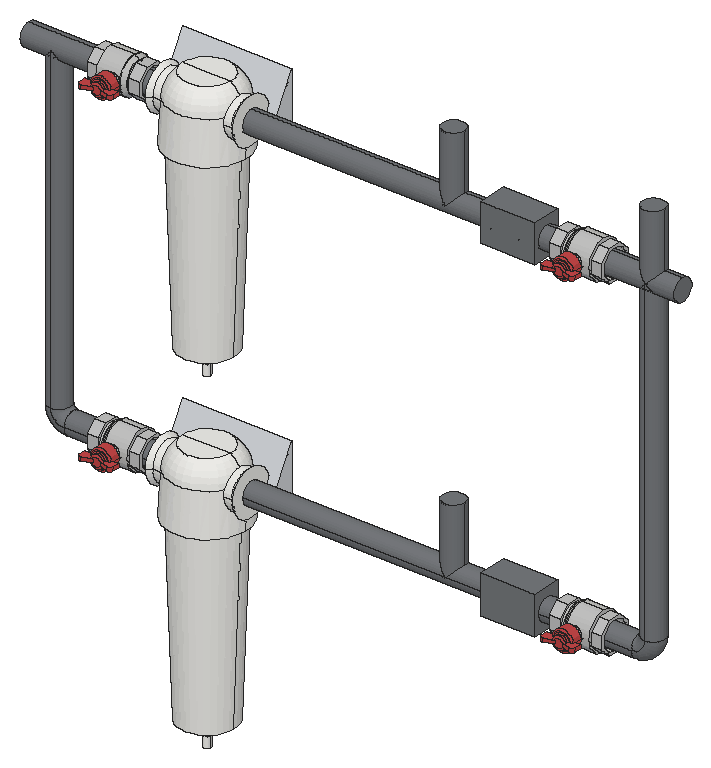
Revit family "FILTRATION FINALE SIMPLE-DUPLEX", category Equipement de génie climatique, Revit 2018
Family settings
  Cote de connecteur circulaire = Utiliser le diamètre
  Classification = Aucun
  Type d'élément = Normal
  Basée sur le plan de construction = Non
  Toujours verticalement = Oui
  Couper avec des vides une fois chargée = Non
  Partagée = Non
  Point de calcul de pièce = Non
Parameters (values of type "FP 792 DP")
  TAILLE_VANNE = Vanne papillon BS FF : DN32 - G1"1/4 - FF (231 0005)
  TAILLE_FILTRE = Filtre_Air_réduit : PAR 396
  POIDS(Kg) = 14 mm
  OFFSET_VANNE_VERTICALE = 627 mm
  OFFSET_VANNE2 = 826 mm
  OFFSET_VANNE = 144 mm
  OFFSET_TUY2 = 922 mm
  OFFSET_HAUT_TUY = 492 mm
  OFFSET_CLAPET = 684 mm
  OFFEST_TUY1 = 45 mm
  OFFEST_FILTRE = 263 mm
  Modèle = "Filtration finale FP"
  Lien espace client = "https://www.mils.fr/en/customers-area/"
  LONGUEUR = 965 mm
  LARG_FIX = 161 mm
  LARGEUR = 142 mm
  HAUT_VANNE_VERTICALE = 97 mm
  HAUTEUR = 929 mm
  Fabricant = "MIL'S"
  Debit_refoulement_air = 792.0 m³/h
  Debit_aspiration_air = Debit_refoulement_air  # 792.0 m³/h
  DUPLEX = yes
  DIAM_REFOUL_AIR = 32 mm
  DIAM_ASPI_AIR = DIAM_REFOUL_AIR  # 32 mm
  DESCR_REFOUL = "Sortie filtration; max.792m3/h; G1\"1/4FEM"
  DESCR_ASPI = "Entrée filtration; max.792m3/h; G1\"1/4FEM"
Types (11, lengths in mm): name | TAILLE_VANNE | TAILLE_FILTRE | POIDS(Kg) | OFFSET_VANNE_VERTICALE | OFFSET_VANNE2 | OFFSET_VANNE | OFFSET_TUY2 | OFFSET_HAUT_TUY | OFFSET_CLAPET | OFFEST_TUY1 | OFFEST_FILTRE | Modèle | Lien espace client | LONGUEUR | LARG_FIX | LARGEUR | HAUT_VANNE_VERTICALE | HAUTEUR | Fabricant | Debit_refoulement_air | Debit_aspiration_air | DUPLEX | DIAM_REFOUL_AIR | DIAM_ASPI_AIR | DESCR_REFOUL | DESCR_ASPI
  (no name) | Vanne papillon BS FF : DN32 - G1"1/4 - FF (231 0005) | Filtre_Air_réduit : PAR 396 | 14 | 627 | 826 | 144 | 922 | 492 | 684 | 45 | 263 | "Filtration finale FP" | "https://www.mils.fr/en/customers-area/" | 965 | 161 | 142 | 97 | 929 | "MIL'S" | 792.0 m³/h | 792.0 m³/h | yes | 32 | 32 | "Sortie filtration; max.792m3/h; G1\"1/4FEM" | "Entrée filtration; max.792m3/h; G1\"1/4FEM"
  FP 036 S | Vanne papillon BS FF : DN15 - G1/2" - FF (231 0002) | Filtre_Air_réduit : PAR 036 | 2.5 | 182 | 345 | 25 | 416 | 425 | 228 | 25 | 100 | 0 | "" | 449 | 91.642 | 92 | 42.5 | 304 | 0 | 36.0 m³/h | 36.0 m³/h | no | 15 | 15 | "Sortie filtration; max.36m3/h; G1/2\"FEM" | "Entrée filtration; max.36m3/h; G1/2\"FEM"
  FP 072 S | Vanne papillon BS FF : DN15 - G1/2" - FF (231 0002) | Filtre_Air_réduit : PAR 072 | 3 | 205 | 367 | 25 | 438 | 425 | 250 | 99.938 | 111 | 0 | "" | 471 | 129 | 106 | 71 | 352 | 0 | 72.0 m³/h | 72.0 m³/h | no | 15 | 15 | "Sortie filtration; max.72m3/h; G1/2\"FEM" | "Entrée filtration; max.72m3/h; G1/2\"FEM"
  FP 109 S | Vanne papillon BS FF : DN20 - G3/4" - FF (231 0008) | Filtre_Air_réduit : PAR 109 | 4 | 220 | 391 | 27 | 472 | 425 | 270 | 99.938 | 120 | 0 | "" | 508 | 129 | 106 | 83 | 361 | 0 | 109.0 m³/h | 109.0 m³/h | no | 20 | 20 | "Sortie filtration; max.109m3/h; G3/4\"FEM" | "Entrée filtration; max.109m3/h; G3/4\"FEM"
  FP 396 S | Vanne papillon BS FF : DN25 - G1" - FF (231 0001) | Filtre_Air_réduit : PAR 396 | 6.5 | 284 | 482 | 34.5 | 575 | 425 | 341 | 99.938 | 155 | 0 | "" | 620 | 161 | 131 | 93.5 | 496 | 0 | 396.0 m³/h | 396.0 m³/h | no | 25 | 25 | "Sortie filtration; max.396m3/h; G1\"FEM" | "Entrée filtration; max.396m3/h; G1\"FEM"
  FP 072 DP | Vanne papillon BS FF : DN15 - G1/2" - FF (231 0002) | Filtre_Air_réduit : PAR 036 | 5.5 | 260 | 423 | 104 | 494 | 306 | 306 | 34 | 177 | 0 | "" | 529 | 108 | 92 | 71 | 610 | 0 | 72.0 m³/h | 72.0 m³/h | yes | 15 | 15 | "Sortie filtration; max.72m3/h; G1/2\"FEM" | "Entrée filtration; max.72m3/h; G1/2\"FEM"
  FP 217 S | Vanne papillon BS FF : DN20 - G3/4" - FF (231 0008) | Filtre_Air_réduit : PAR 217 | 5.5 | 252 | 423 | 27 | 504 | 425 | 303 | 99.938 | 137 | 0 | "" | 541 | 161 | 131 | 83 | 388 | 0 | 217.0 m³/h | 217.0 m³/h | no | 20 | 20 | "Sortie filtration; max.217m3/h; G3/4\"FEM" | "Entrée filtration; max.217m3/h; G3/4\"FEM"
  FP 144 DP | Vanne papillon BS FF : DN20 - G3/4" - FF (231 0008) | Filtre_Air_réduit : PAR 072 | 6.5 | 291 | 453 | 111 | 521 | 368 | 336 | 36 | 197 | 0 | "" | 558 | 130 | 106 | 72 | 704 | 0 | 144.0 m³/h | 144.0 m³/h | yes | 20 | 20 | "Sortie filtration; max.144m3/h; G3/4\"FEM" | "Entrée filtration; max.144m3/h; G3/4\"FEM"
  FP 218 DP | Vanne papillon BS FF : DN20 - G3/4" - FF (231 0008) | Filtre_Air_réduit : PAR 109 | 8 | 324 | 495 | 131 | 585 | 413 | 375 | 45 | 225 | 0 | "" | 630 | 130 | 106 | 83 | 711 | 0 | 218.0 m³/h | 218.0 m³/h | yes | 20 | 20 | "Sortie filtration; max.218m3/h; G3/4\"FEM" | "Entrée filtration; max.218m3/h; G3/4\"FEM"
  FP 434 DP | Vanne papillon BS FF : DN25 - G1" - FF (231 0001) | Filtre_Air_réduit : PAR 217 | 12 | 357 | 528 | 132 | 618 | 445 | 407 | 45 | 241 | 0 | "" | 663 | 161 | 131 | 83 | 809 | 0 | 434.0 m³/h | 434.0 m³/h | yes | 25 | 25 | "Sortie filtration; max.434m3/h; G1\"FEM" | "Entrée filtration; max.434m3/h; G1\"FEM"
  FP 792 DP | Vanne papillon BS FF : DN32 - G1"1/4 - FF (231 0005) | Filtre_Air_réduit : PAR 396 | 14 | 627 | 826 | 144 | 922 | 492 | 684 | 45 | 263 | "Filtration finale FP" | "https://www.mils.fr/en/customers-area/" | 965 | 161 | 142 | 97 | 929 | "MIL'S" | 792.0 m³/h | 792.0 m³/h | yes | 32 | 32 | "Sortie filtration; max.792m3/h; G1\"1/4FEM" | "Entrée filtration; max.792m3/h; G1\"1/4FEM"
Reference planes
  plane 1 "Centre (avant/arrière)": y = 0
  plane 2: z = 0
  plane 3 "Centre (gauche/droite)": x = 0
  plane 4: x = -545
  plane 5: x = -545
  plane 6: x = -245
  plane 7: x = -965
  plane 8: x = 0
  plane 9: y = -403.182
  plane 10: y = 531.5
  plane 11: y = -675.761
  plane 12: y = 1131.5
  plane 13: y = -1275.761
  plane 14: y = 350
  plane 15: y = -348.182
  plane 16: y = -375
  plane 17: z = 492
  plane 18: x = -821
  plane 19: x = -139
  plane 20: x = -702
  plane 21: x = -920
  plane 22: x = -43
  plane 23: x = -281
  plane 24: x = -338
  plane 25: x = -201
  plane 26: z = 589
  plane 27: y = -424.682
  plane 28: y = -381.682
  plane 29: z = 519.5
  plane 30: z = 464.5
  plane 31: z = 28
  plane 32: z = -28
  plane 33: z = 542
  plane 34: z = 442
  plane 35: z = 50
  plane 36: z = -50
  plane 37: x = -782.5
  plane 38: x = -621.5
  plane 39: z = 97
Forms (mm)
  Extrusion 1, solid, not visible
    sketch origin (-671.698, -1524, 268) x (-1, 0, 0) y (0, -1, 0)
      loop
        circle (-126.698, -1132) r 25
    from 0 to 17
  Extrusion 2, solid, not visible
    sketch origin (-671.698, -1524, 268) x (-1, 0, 0) y (0, -1, 0)
      loop
        circle (-126.698, -1132) r 25
    from 0 to 17
  Extrusion 3, solid, not visible
    sketch origin (-371.698, -1524, 268) x (-1, 0, 0) y (0, -1, 0)
      loop
        circle (-126.698, -1132) r 25
    from 0 to 17
  Sweep 4, solid, material "GRIS MILS"
    path origin (-946.841, -403.182, 1198.72) x (-1, 0, 0) y (0, 0, 1)
      loop
        line (-946.841, -706.72) -> (18.159, -706.72)
    profile origin (-482.5, -403.182, 492) x (0, 0, 1) y (0, 1, 0)
      loop
        circle (0, 0) r 16
  Sweep 5, solid, material "GRIS MILS"
    path origin (-946.501, -403.182, 1238.151) x (-1, 0, 0) y (0, 0, 1)
      loop
        line (-608.501, -746.151) -> (-608.501, -649.151)
    profile origin (-338, -403.182, 540.5) x (1, 0, 0) y (0, 1, 0)
      loop
        circle (0, 0) r 16
  Sweep 6, solid, material "GRIS MILS", visible <- "DUPLEX"
    path origin (-949.138, -403.182, 1220.662) x (-1, 0, 0) y (0, 0, 1)
      loop
        line (-29.138, -728.662) -> (-29.138, -1200.662)
        arc (-29.138, -1200.662) -> (-34.996, -1214.804) -> (-49.138, -1220.662) r 20
        line (-49.138, -1220.662) -> (-886.138, -1220.662)
        arc (-886.138, -1220.662) -> (-900.28, -1214.804) -> (-906.138, -1200.662) r 20
        line (-906.138, -1200.662) -> (-906.138, -728.662)
    profile origin (-920, -403.182, 256) x (0, 1, 0) y (-1, 0, 0)
      loop
        circle (0, 0) r 16
  Sweep 7, solid, material "GRIS MILS"
    path origin (-943.001, -403.182, 1200) x (-1, 0, 0) y (0, 0, 1)
      loop
        line (-900.001, -708) -> (-900.001, -611)
    profile origin (-43, -403.182, 540.5) x (1, 0, 0) y (0, 1, 0)
      loop
        circle (0, 0) r 16
  Sweep 8, solid, material "GRIS MILS", visible <- "DUPLEX"
    path origin (-943.001, -403.182, 1200) x (-1, 0, 0) y (0, 0, 1)
      loop
        line (-605.001, -1200) -> (-605.001, -1103)
    profile origin (-338, -403.182, 48.5) x (1, 0, 0) y (0, 1, 0)
      loop
        circle (0, 0) r 16
  Extrusion 9, solid, material "GRIS MILS"
    sketch origin (-943.001, -403.182, 1200) x (-1, 0, 0) y (0, 0, 1)
      loop
        line (-662.001, -680.5) -> (-742.001, -680.5) -> (-742.001, -735.5) -> (-662.001, -735.5) -> (-662.001, -680.5)
    from 21.5 to -21.5
  Extrusion 10, solid, material "GRIS MILS", visible <- "DUPLEX"
    sketch origin (-943.001, -403.182, 1200) x (-1, 0, 0) y (0, 0, 1)
      loop
        line (-662.001, -1172) -> (-742.001, -1172) -> (-742.001, -1228) -> (-662.001, -1228) -> (-662.001, -1172)
    from 21.5 to -21.5
  Extrusion 11, solid
    sketch origin (-129, -224, 1200) x (0, 1, 0) y (0, 0, 1)
      loop
        line (-124.182, -758) -> (-124.182, -658) -> (-151, -708) -> (-124.182, -758)
    from -492.5 to -653.5
  Extrusion 12, solid, visible <- "DUPLEX"
    sketch origin (-129, -224, 1200) x (0, 1, 0) y (0, 0, 1)
      loop
        line (-124.182, -1150) -> (-151, -1200) -> (-124.182, -1250) -> (-124.182, -1150)
    from -492.5 to -653.5
Dimensions and locks
  plane 12 to plane 10 = 600 mm
  "LONGUEUR": plane 8 to plane 7
  "OFFSET_VANNE": plane 18 to plane 7
  "OFFSET_VANNE2": plane 19 to plane 7
  "OFFEST_TUY1": plane 21 to plane 7
  "OFFEST_FILTRE": plane 20 to plane 7
  "OFFSET_TUY2": plane 22 to plane 7
  "OFFSET_HAUT_TUY": plane 17 to level
  "OFFSET_CLAPET": plane 23 to plane 7
  "OFFSET_VANNE_VERTICALE": plane 24 to plane 7
  plane 27 to plane 28 = 43 mm
  equal spacing: plane 27, plane 9, plane 28
  plane 25 to plane 23 = 80 mm
  equal spacing: plane 29, plane 17, plane 30
  plane 29 to plane 30 = 55 mm
  locked: plane 2 to plane 32 at 28
  locked: plane 31 to plane 2 at 28
  plane 33 to plane 17 = 50 mm
  plane 17 to plane 34 = 50 mm
  plane 15 to nested 1 = 55 mm
  plane 35 to plane 2 = 50 mm
  plane 2 to plane 36 = 50 mm
  equal spacing: plane 38, plane 20, plane 37
  "LARG_FIX": plane 38 to plane 37
  "HAUT_VANNE_VERTICALE": plane 26 to plane 17
  "HAUT_VANNE_VERTICALE": plane 39 to plane 2
  radius of Extrusion 1 sketch curve = 25 mm
  radius of Extrusion 2 sketch curve = 25 mm
  radius of Extrusion 3 sketch curve = 25 mm
  "DIAM_REFOUL_AIR": diameter of Sweep 6 sketch curve
  "DIAM_REFOUL_AIR": diameter of Sweep 4 sketch curve
  "DIAM_REFOUL_AIR": diameter of Sweep 7 sketch curve
  "DIAM_REFOUL_AIR": diameter of Sweep 8 sketch curve
  "DIAM_REFOUL_AIR": diameter of Sweep 5 sketch curve
  aligned and locked: level to plane 2
  aligned and locked: plane 7 to Sweep 4 sketch curve
  aligned and locked: plane 8 to Sweep 4 sketch curve
  aligned and locked: Sweep 4 sketch curve to plane 17
  aligned and locked: plane 2 to nested 4
  aligned and locked: plane 2 to nested 3
  aligned and locked: nested 2 to plane 17
  aligned and locked: profile plane to Sweep 6 sketch curve
  aligned and locked: Sweep 6 sketch curve to plane 21
  aligned and locked: plane 22 to Sweep 6 sketch curve
  aligned and locked: Sweep 6 sketch curve to plane 2
  aligned and locked: plane 17 to Sweep 6 sketch curve  (x2)
  aligned and locked: nested 5 to plane 9
  aligned and locked: profile plane to Sweep 7 sketch curve  (x2)
  aligned and locked: Sweep 8 sketch curve to plane 24
  aligned and locked: plane 2 to Sweep 8 sketch curve
  aligned and locked: plane 17 to Sweep 5 sketch curve
  aligned and locked: Sweep 7 sketch curve to plane 26
  aligned and locked: plane 26 to Sweep 5 sketch curve
  aligned and locked: Extrusion 9 sketch curve to plane 23
  aligned and locked: Extrusion 9 sketch curve to plane 25
  aligned and locked: nested 1 to plane 9
  aligned and locked: plane 9 to nested 4
  aligned and locked: plane 9 to nested 3
  aligned and locked: Extrusion 9 to plane 27
  aligned and locked: plane 28 to Extrusion 9
  aligned and locked: Extrusion 9 to plane 29
  aligned and locked: plane 30 to Extrusion 9
  aligned and locked: plane 31 to Extrusion 10 sketch curve
  aligned and locked: Extrusion 10 sketch curve to plane 32
  aligned and locked: Extrusion 10 sketch curve to plane 23
  aligned and locked: plane 25 to Extrusion 10 sketch curve
  aligned and locked: plane 27 to Extrusion 10
  aligned and locked: Extrusion 10 to plane 28
  aligned and locked: plane 15 to Extrusion 11 sketch curve
  aligned and locked: plane 33 to Extrusion 11 sketch curve
  aligned and locked: plane 34 to Extrusion 11 sketch curve
  aligned and locked: plane 17 to Extrusion 11 sketch curve
  aligned and locked: plane 16 to Extrusion 11 sketch curve
  aligned and locked: Extrusion 12 sketch curve to plane 15
  aligned and locked: plane 35 to Extrusion 12 sketch curve
  aligned and locked: plane 36 to Extrusion 12 sketch curve
  aligned and locked: plane 16 to Extrusion 12 sketch curve
  aligned and locked: plane 2 to Extrusion 12 sketch curve
  aligned and locked: plane 17 to nested 6
  aligned and locked: plane 19 to nested 6
  aligned and locked: plane 19 to nested 4
  aligned and locked: plane 18 to nested 3
  aligned and locked: plane 18 to nested 2
  aligned and locked: plane 20 to nested 5
  aligned and locked: nested 1 to plane 20
  aligned and locked: plane 38 to Extrusion 11
  aligned and locked: Extrusion 11 to plane 37
  aligned and locked: Extrusion 12 to plane 37
  aligned and locked: plane 38 to Extrusion 12
  aligned and locked: plane 24 to Sweep 5 sketch curve
  aligned and locked: Sweep 8 sketch curve to plane 39
  aligned and locked: plane 3 "Centre (gauche/droite)" to plane 8
Automatic sketch dimensions
  Sweep 6 sketch curve to plane 22 = 20 mm
  plane 21 to Sweep 6 sketch curve = 20 mm
  Sweep 7 sketch curve to plane 22 = 0 mm
  Sweep 7 sketch curve to plane 17 = 0 mm
  Extrusion 9 sketch curve to plane 17 = 27.5 mm
  plane 17 to Extrusion 9 sketch curve = 27.5 mm
  Extrusion 12 sketch curve to plane 15 = 0 mm
  Sweep 4 sketch curve to plane 9 = 0 mm
  profile plane to Sweep 4 sketch curve = 0 mm
  Sweep 5 sketch curve to plane 9 = 0 mm
  Sweep 5 sketch curve to profile plane = 0 mm
  Sweep 6 sketch curve to profile plane = 0 mm
  Sweep 8 sketch curve to plane 9 = 0 mm
  Sweep 8 sketch curve to profile plane = 0 mm
Nested families
  nested 1: "Filtre_Air_réduit" at (-702, -403.182, 0), type <- "TAILLE_FILTRE", visible <- "DUPLEX", type "PAR 396"
    with Materiau BLANC MILS, Diametre_connecteurs_filtre 16 mm, Diametre_connecteur_vidange 16 mm
  nested 2: "Vanne papillon BS FF" at (-821, -403.182, 492) x (1, 0, 0) z (0, -1, 0), type <- "TAILLE_VANNE", type "DN32 - G1"1/4 - FF (231 0005)"
    with built-in parameter 1114242 (empty or 0)
  nested 3: "Vanne papillon BS FF" at (-821, -403.182, 0) x (-1, 0, 0) z (0, -1, 0), visible <- "DUPLEX", type <- "TAILLE_VANNE", type "DN32 - G1"1/4 - FF (231 0005)"
    with built-in parameter 1114242 (empty or 0)
  nested 4: "Vanne papillon BS FF" at (-139, -403.182, 0) x (-1, 0, 0) z (0, -1, 0), visible <- "DUPLEX", type <- "TAILLE_VANNE", type "DN32 - G1"1/4 - FF (231 0005)"
    with built-in parameter 1114242 (empty or 0)
  nested 5: "Filtre_Air_réduit" at (-702, -403.182, 492), type <- "TAILLE_FILTRE", built-in parameter 1001364 <- "OFFSET_HAUT_TUY", type "PAR 396"
    with Materiau BLANC MILS, Diametre_connecteurs_filtre 16 mm, Diametre_connecteur_vidange 16 mm
  nested 6: "Vanne papillon BS FF" at (-139, -403.182, 492) x (-1, 0, 0) z (0, -1, 0), type <- "TAILLE_VANNE", type "DN32 - G1"1/4 - FF (231 0005)"
    with built-in parameter 1114242 (empty or 0)
Connectors
  piping at (-965, -403.182, 492), diameter 32, driven by "DIAM_REFOUL_AIR", driven by "Debit_refoulement_air"
    settings: on Sweep 4, index 1, connector inside diameter 609.6 mm, connector length 0 mm, flow factor 0, pipe flow 792.0 m³/h, pressure drop 0.0 Pa, fitting loss kfactor 0, connector angle 0.00°, fixture units 0, engagement length 0 mm, angle of deflection 0.00°, flow configuration 0, flow direction 1, fitting loss method 0, system type 22, joint type 0, gender type 0, connector reference index -1, connector utility 0, adjustable connector no, is connector primary yes, connector description ""
  piping at (0, -403.182, 492), diameter 32, driven by "Debit_refoulement_air", driven by "DESCR_REFOUL", driven by "DIAM_REFOUL_AIR"
    settings: on Sweep 4, index 2, connector inside diameter 609.6 mm, connector length 0 mm, flow factor 0, pipe flow 792.0 m³/h, pressure drop 0.0 Pa, fitting loss kfactor 0, connector angle 0.00°, fixture units 0, engagement length 0 mm, angle of deflection 0.00°, flow configuration 0, flow direction 2, fitting loss method 0, system type 22, joint type 0, gender type 0, connector reference index -1, connector utility 0, adjustable connector no, is connector primary no, connector description "Sortie filtration; max.792m3/h; G1\"1/4FEM"
Definition of nested family "Filtre_Air_réduit"
  Parameters (values of type "PAR 396")
    ØVERUE_ENT_SORTIE = 56 mm
    ØTETE_HAUT = 35 mm
    ØTETE_BAS = 57 mm
    ØPURGE = 5 mm
    ØEXT_ENT_SORTIE = 66 mm
    ØENT_SORTIE = 32 mm
    ØCUVE_HAUT = 98 mm
    ØCUVE_BAS = 80 mm
    OFFSET_ENT_SORTIE = 42 mm
    Materiau [instance] = none
    LONG_PURGE = 37 mm
    LARG_VERRUES = 117 mm
    LARGEUR = 129 mm
    HAUT_TETE = 95 mm
    HAUTEUR = 400 mm
    Diametre_connecteurs_filtre [instance] = 16 mm
    Diametre_connecteur_vidange [instance] = 16 mm
  Types (6, lengths in mm): name | ØVERUE_ENT_SORTIE | ØTETE_HAUT | ØTETE_BAS | ØPURGE | ØEXT_ENT_SORTIE | ØENT_SORTIE | ØCUVE_HAUT | ØCUVE_BAS | OFFSET_ENT_SORTIE | LONG_PURGE | LARG_VERRUES | LARGEUR | HAUT_TETE | HAUTEUR
    (no name) | 56 | 35 | 57 | 5 | 66 | 32 | 98 | 80 | 42 | 37 | 117 | 129 | 95 | 400
    PAR 036 | 27 | 18 | 30.693 | 5 | 33 | 15 | 52 | 45 | 28 | 37 | 66 | 76 | 61 | 218
    PAR 072 | 40 | 24 | 42 | 5 | 45 | 15 | 71 | 58 | 34 | 35.5 | 87 | 98 | 74 | 270
    PAR 217 | 56 | 35 | 57 | 7 | 66 | 25 | 98 | 80 | 42 | 36 | 117 | 129 | 95 | 310
    PAR 396 | 56 | 35 | 57 | 5 | 66 | 32 | 98 | 80 | 42 | 37 | 117 | 129 | 95 | 400
    PAR 109 | 40 | 24 | 42 | 5 | 45 | 20 | 71 | 58 | 34 | 40 | 88 | 98 | 75 | 275
  Reference planes
    plane 1 "Centre (avant/arrière)": y = 0
    plane 2: z = 0
    plane 3 "Centre (gauche/droite)": x = 0
    plane 4: y = -41
    plane 5: y = 41
    plane 6: z = 42
    plane 7: z = -358
    plane 8: z = -321
    plane 9: z = 0
    plane 10: x = -64.5
    plane 11: x = 64.5
    plane 12: x = 58.5
    plane 13: x = -58.5
    plane 14: x = -57
    plane 15: x = 32.347
    plane 16: z = -53
    plane 17: x = -35
    plane 18: x = -5
  Forms (mm)
    Revolve 1, solid, material <- "Materiau"
      sketch origin (-178.452, 0, 0) x (1, 0, 0) y (0, 0, 1)
        loop
          line (178.452, -53) -> (178.452, 42) -> (143.276, 42)
          arc (143.276, 42) -> (130.563, 27.392) -> (125.224, 8.777) r 44.692
          line (125.224, 8.777) -> (121.452, -53) -> (178.452, -53)
        axis (178.452, -53) -> (178.452, 42)
      angle from 0 to 360
    Extrusion 2, solid, material <- "Materiau"
      sketch origin (0, 0, 0) x (0, 1, 0) y (0, 0, 1)
        loop
          circle (0, 0) r 28
      from -58.5 to 58.5
    Revolve 3, solid, material <- "Materiau"
      sketch origin (0, 0, 47.5) x (1, 0, 0) y (0, 0, 1)
        loop
          line (0, -368.5) -> (-5, -368.5) -> (-5, -384.662) -> (-4.655, -385.402) -> (-4.655, -389.152) -> (-5, -389.892) -> (-5, -405.5) -> (0, -405.5) -> (0, -368.5)
        axis (0, -368.5) -> (0, -405.5)
      angle from 0 to 360
    Blend 4, solid, material <- "Materiau"
      base sketch origin (0, 0, 0) x (0, 1, 0) y (0, 0, 1)
        loop
          circle (0, 0) r 28
      top sketch origin (0, 0, 0) x (0, 1, 0) y (0, 0, 1)
        loop
          circle (0, 0) r 33
      from 58.5 to 64.5
    Blend 5, solid, material <- "Materiau"
      base sketch origin (0, 0, 0) x (0, 1, 0) y (0, 0, -1)
        loop
          circle (0, 0) r 28
      top sketch origin (0, 0, 0) x (0, 1, 0) y (0, 0, -1)
        loop
          circle (0, 0) r 33
      from 58.5 to 64.5
    Blend 6, solid, material <- "Materiau"
      base sketch origin (0, 0, 0) x (1, 0, 0) y (0, 1, 0)
        loop
          circle (0, 0) r 49
      top sketch origin (0, 0, 0) x (1, 0, 0) y (0, 1, 0)
        loop
          circle (0, 0) r 40
      from -53 to -321
    Extrusion 7, void
      sketch origin (0, 0, 0) x (0, 1, 0) y (0, 0, 1)
        loop
          circle (0, 0) r 16
      from -64.5 to 64.5
  Cuts and joins
    Extrusion 7 cuts Revolve 1
    Extrusion 7 cuts Extrusion 2
    Extrusion 7 cuts Blend 4
    Extrusion 7 cuts Blend 5
    joined: Revolve 1, Extrusion 2, Blend 4, Blend 5
  Dimensions and locks
    equal spacing: plane 5, plane 1 "Centre (avant/arrière)", plane 4
    "LARGEUR": plane 11 to plane 10
    equal spacing: plane 11, plane 3 "Centre (gauche/droite)", plane 10
    equal spacing: plane 12, plane 3 "Centre (gauche/droite)", plane 13
    "LARG_VERRUES": plane 12 to plane 13
    "HAUT_TETE": plane 6 to plane 16
    "ØPURGE": plane 18 to plane 3 "Centre (gauche/droite)"
    "ØTETE_BAS": plane 14 to plane 3 "Centre (gauche/droite)"
    "ØTETE_HAUT": plane 3 "Centre (gauche/droite)" to plane 17
    "LONG_PURGE": plane 8 to plane 7
    "HAUTEUR": plane 6 to plane 7
    "OFFSET_ENT_SORTIE": plane 6 to level
    "ØVERUE_ENT_SORTIE": diameter of Extrusion 2 sketch curve
    "ØVERUE_ENT_SORTIE": diameter of Blend 4 sketch curve
    "ØEXT_ENT_SORTIE": diameter of Blend 4 sketch curve
    "ØCUVE_BAS": diameter of Blend 6 sketch curve
    "ØCUVE_HAUT": diameter of Blend 6 sketch curve
    "ØEXT_ENT_SORTIE": diameter of Blend 5 sketch curve
    "ØVERUE_ENT_SORTIE": diameter of Blend 5 sketch curve
    "ØENT_SORTIE": diameter of Extrusion 7 sketch curve
    aligned and locked: level to plane 2
    aligned and locked: Revolve 1 sketch curve to Revolve 1 sketch curve
    aligned and locked: Revolve 3 sketch curve to Revolve 3 sketch curve  (x3)
    aligned and locked: plane 7 to Revolve 3
    aligned and locked: plane 6 to cut or joined group of Revolve 1, Extrusion 2, Blend 4, Blend 5, Extrusion 7
    aligned and locked: level to plane 9
    aligned and locked: Blend 6 to plane 8
    aligned and locked: plane 11 to Blend 4
    aligned and locked: Blend 5 to plane 10
    aligned and locked: plane 12 to Extrusion 2
    aligned and locked: Blend 4 to Extrusion 2
    aligned and locked: Extrusion 2 to plane 13
    aligned and locked: Blend 5 to Extrusion 2
    aligned and locked: plane 16 to Revolve 1 sketch curve
    aligned and locked: Blend 6 to cut or joined group of Revolve 1, Extrusion 2, Blend 4, Blend 5, Extrusion 7
    aligned and locked: plane 18 to Revolve 3 sketch curve
    aligned and locked: Blend 5 to Extrusion 7
    aligned and locked: Blend 4 to Extrusion 7
  Automatic sketch dimensions
    Revolve 3 sketch curve to plane 7 = 0 mm  (x2)
    Revolve 3 sketch curve to plane 3 "Centre (gauche/droite)" = 0 mm
    Revolve 3 sketch curve to plane 8 = 0 mm
    Revolve 3 sketch curve to plane 18 = 0.345 mm
    plane 7 to Revolve 3 sketch curve = 15.608 mm
    Revolve 3 sketch curve to Revolve 3 sketch curve = 0.74 mm  (x2)
    Revolve 3 sketch curve to Revolve 3 sketch curve = 3.75 mm
    plane 14 to Revolve 1 sketch curve = 0 mm
    Revolve 1 sketch curve to plane 6 = 0 mm  (x2)
    Revolve 1 sketch curve to plane 3 "Centre (gauche/droite)" = 0 mm
    Revolve 1 sketch curve to plane 14 = 3.772 mm
    Revolve 1 sketch curve to plane 17 = 0.176 mm
    plane 18 to Revolve 1 sketch curve = 3.619 mm
    Revolve 1 sketch curve to Revolve 1 sketch curve = 4.107 mm
    Extrusion 2 sketch curve to level = 0 mm
    Extrusion 2 sketch curve to plane 1 "Centre (avant/arrière)" = 0 mm
    Blend 4 sketch curve to level = 0 mm  (x2)
    Blend 4 sketch curve to plane 1 "Centre (avant/arrière)" = 0 mm  (x2)
    Blend 5 sketch curve to level = 0 mm  (x2)
    Blend 5 sketch curve to plane 1 "Centre (avant/arrière)" = 0 mm  (x2)
    plane 1 "Centre (avant/arrière)" to Blend 6 sketch curve = 0 mm  (x2)
    Blend 6 sketch curve to plane 3 "Centre (gauche/droite)" = 0 mm  (x2)
    Extrusion 7 sketch curve to level = 0 mm
    Extrusion 7 sketch curve to plane 1 "Centre (avant/arrière)" = 0 mm
Definition of nested family "Vanne papillon BS FF"
  Parameters (values of type "DN8 - G1/4" - FF (231 0045)")
    built-in parameter 1114242 [instance] = (empty or 0)
    URL = ""
    Thread = 13.2 mm
    Size Female Connector 1 = 8.00 mm
    Reduction Body Size = 19 mm
    P = 4.5 mm
    Overall Width = Main Body Size  # 23 mm
    Overall Length = Length  # 42 mm
    Overall Height = 46 mm
    Model = ""
    Manufacturer = ""
    Main Body Size = 23 mm
    Loss Method = 2
    Length = 42 mm
    L Reduction = 3 mm
    L Main Body = 16.6 mm
    L Secondary Body Size = 19.3 mm
    L Connection Female = 10 mm
    Secondary Body Size = 15 mm
    K Coefficient = 0.1
    Description = ""
    CH Octa = 18 mm
  Types (9, lengths in mm): name | Thread | Size Female Connector 1 | Reduction Body Size | P | Overall Width | Overall Length | Overall Height | Main Body Size | Length | L Reduction | L Main Body | L Secondary Body Size | L Connection Female | Secondary Body Size | K Coefficient | CH Octa
    DN32 - G1"1/4 - FF (231 0005) | 41.9 | 32.00 mm | 45 | 6.5 | 55 | 77.6 | 73 | 55 | 77.6 | 4.5 | 34.5 | 39.6 | 16 | 22 | 0.11 | 47
    DN25 - G1" - FF (231 0001) | 33.2 | 25.00 mm | 35 | 5.5 | 45 | 65 | 61.5 | 45 | 65 | 3 | 24.4 | 31.6 | 17 | 17 | 0.14 | 38
    DN20 - G3/4" - FF (231 0008) | 26.5 | 20.00 mm | 27 | 4.5 | 37 | 60.5 | 54.5 | 37 | 60.5 | 3 | 25 | 27.5 | 14.5 | 15 | 0.15 | 30.5
    DN15 - G1/2" - FF (231 0002) | 21 | 15.00 mm | 24 | 4.5 | 30 | 53 | 51.5 | 30 | 53 | 3 | 20 | 24.5 | 13.5 | 15 | 0.28 | 25
    DN10 - G3/8" - FF (231 0034) | 16.7 | 10.00 mm | 19 | 4.5 | 23 | 47 | 46 | 23 | 47 | 4 | 16.6 | 19.3 | 11.5 | 15 | 0.16 | 21
    DN8 - G1/4" - FF (231 0045) | 13.2 | 8.00 mm | 19 | 4.5 | 23 | 42 | 46 | 23 | 42 | 3 | 16.6 | 19.3 | 10 | 15 | 0.1 | 18
    DN40 - G1"1/2 - FF (231 0009) | 47.8 | 40.00 mm | 54 | 6.5 | 68 | 89 | 79 | 68 | 89 | 4.5 | 38.8 | 45.6 | 20.5 | 23 | 0.1 | 54
    DN50 - G2" - FF (231 0004) | 59.6 | 50.00 mm | 67 | 6.5 | 84 | 103 | 91.5 | 84 | 103 | 5 | 46.8 | 63.5 | 22.5 | 25.5 | 0.12 | 67
    DN60 - G2"1/2 - FF (231 0037) | 75.2 | 60.00 mm | 81.5 | 9.5 | 103 | 130 | 118 | 103 | 130 | 5 | 49.8 | 73 | 29 | 38 | 0.08 | 82
  Reference planes
    plane 1 "Center (Front/Back) Tiemme": y = 0
    plane 2 "Tiemme": z = 0
    plane 3 "Center (Left/Right) Tiemme": x = 0
    plane 4: x = -21
    plane 5: x = 21
    plane 6: x = -11
    plane 7: x = 5.6
    plane 8: x = 11
    plane 9: x = 8
    plane 10: z = 19.3
    plane 11: z = 14.8
  Forms (mm)
    Sweep 1, solid
      path origin (0, 0, 0) x (1, 0, 0) y (0, 1, 0)
        loop
          line (-21, 0) -> (-11, 0)
      profile "Profile : Profile vanne" origin (-16, 0, 0) x (0, 1, 0) y (0, 0, 1)
        loop
          line (-9, 3.728) -> (-9, -3.728) -> (-3.728, -9) -> (3.728, -9) -> (9, -3.728) -> (9, 3.728) -> (3.728, 9) -> (-3.728, 9) -> (-9, 3.728)
    Extrusion 2, solid
      sketch origin (0, 0, 0) x (0, 1, 0) y (0, 0, 1)
        loop
          circle (0, 0) r 11.5
      from -11 to 5.6
    Sweep 3, solid
      path origin (0, 0, 0) x (1, 0, 0) y (0, 1, 0)
        loop
          line (21, 0) -> (11, 0)
      profile "Profile : Profile vanne" origin (16, 0, 0) x (0, -1, 0) y (0, 0, 1)
        loop
          line (-9, 3.728) -> (-9, -3.728) -> (-3.728, -9) -> (3.728, -9) -> (9, -3.728) -> (9, 3.728) -> (3.728, 9) -> (-3.728, 9) -> (-9, 3.728)
    Extrusion 4, solid
      sketch origin (0, 0, 0) x (0, 1, 0) y (0, 0, 1)
        loop
          circle (0, 0) r 9.5
      from 8 to 11
    Blend 5, solid, detail levels coarse+fine
      base sketch origin (0, 0, 0) x (0, 1, 0) y (0, 0, 1)
        loop
          circle (0, 0) r 11.5
      top sketch origin (0, 0, 0) x (0, 1, 0) y (0, 0, 1)
        loop
          circle (0, 0) r 9.5
      from 5.6 to 8
    Extrusion 6, solid, detail levels fine
      sketch origin (0, 0, 0) x (1, 0, 0) y (0, 1, 0)
        loop
          circle (0, 0) r 7.5
      from 0 to 19.3
    Extrusion 7, void
      sketch origin (0, 0, 0) x (0, 1, 0) y (0, 0, 1)
        loop
          circle (0, 0) r 6.6
      from -21 to -11
    Extrusion 8, void
      sketch origin (0, 0, 0) x (0, 1, 0) y (0, 0, -1)
        loop
          circle (0, 0) r 6.6
      from -21 to -11
  Cuts and joins
    Extrusion 8 cuts Sweep 3
    Extrusion 7 cuts Sweep 1
  Dimensions and locks
    "Length": plane 5 to plane 4
    equal spacing: plane 5, plane 3 "Center (Left/Right) Tiemme", plane 4
    "L Connection Female": plane 6 to plane 4
    "L Main Body": plane 7 to plane 6
    "L Connection Female": plane 5 to plane 8
    "L Reduction": plane 8 to plane 9
    "L Secondary Body Size": plane 10 to plane 2 "Tiemme"
    "P": plane 10 to plane 11
    "Main Body Size": diameter of Extrusion 2 sketch curve
    "Reduction Body Size": diameter of Extrusion 4 sketch curve
    "Main Body Size": diameter of Blend 5 sketch curve
    "Reduction Body Size": diameter of Blend 5 sketch curve
    "Secondary Body Size": diameter of Extrusion 6 sketch curve
    "Thread": diameter of Extrusion 7 sketch curve
    "Thread": diameter of Extrusion 8 sketch curve
    aligned and locked: level to plane 2 "Tiemme"
    aligned and locked: plane 1 "Center (Front/Back) Tiemme" to Sweep 1 sketch curve
    aligned and locked: plane 6 to Sweep 1 sketch curve
    aligned and locked: plane 4 to Sweep 1 sketch curve
    aligned and locked: plane 1 "Center (Front/Back) Tiemme" to Extrusion 2 sketch curve
    aligned and locked: plane 2 "Tiemme" to Extrusion 2 sketch curve
    aligned and locked: Extrusion 2 to plane 6
    aligned and locked: plane 7 to Extrusion 2
    aligned and locked: Sweep 3 sketch curve to plane 1 "Center (Front/Back) Tiemme"
    aligned and locked: plane 5 to Sweep 3 sketch curve
    aligned and locked: plane 8 to Sweep 3 sketch curve
    aligned and locked: plane 1 "Center (Front/Back) Tiemme" to Extrusion 4 sketch curve
    aligned and locked: plane 2 "Tiemme" to Extrusion 4 sketch curve
    aligned and locked: Extrusion 4 to plane 9
    aligned and locked: plane 8 to Extrusion 4
    aligned and locked: plane 1 "Center (Front/Back) Tiemme" to Blend 5 sketch curve  (x2)
    aligned and locked: plane 2 "Tiemme" to Blend 5 sketch curve  (x2)
    aligned and locked: Blend 5 to plane 7
    aligned and locked: plane 9 to Blend 5
    aligned and locked: plane 3 "Center (Left/Right) Tiemme" to Extrusion 6 sketch curve
    aligned and locked: plane 1 "Center (Front/Back) Tiemme" to Extrusion 6 sketch curve
    aligned and locked: Extrusion 6 to plane 2 "Tiemme"
    aligned and locked: plane 10 to Extrusion 6
    aligned and locked: plane 1 "Center (Front/Back) Tiemme" to Extrusion 7 sketch curve
    aligned and locked: plane 2 "Tiemme" to Extrusion 7 sketch curve
    aligned and locked: Extrusion 7 to plane 4
    aligned and locked: plane 6 to Extrusion 7
    aligned and locked: Extrusion 8 to plane 8
    aligned and locked: plane 5 to Extrusion 8
    aligned and locked: plane 3 "Center (Left/Right) Tiemme" to nested 1
    aligned and locked: plane 1 "Center (Front/Back) Tiemme" to nested 1
    aligned and locked: plane 11 to nested 1
  Automatic sketch dimensions
    Extrusion 8 sketch curve to level = 0 mm
    Extrusion 8 sketch curve to plane 1 "Center (Front/Back) Tiemme" = 0 mm
  Nested families
    nested 1: "Poignée papillon" at (0, 0, 14.8), type "Poignée papillon"
  Connectors
    piping at (-11, 0, 0), diameter 8, driven by "Size Female Connector 1"
      settings: on cut or joined group of Sweep 1, Extrusion 7, index 1, connector inside diameter 609.6 mm, connector length 0 mm, flow factor 0, pipe flow 0.0 m³/h, pressure drop 0.0 Pa, fitting loss kfactor 0, connector angle 0.00°, fixture units 0, engagement length 0 mm, angle of deflection 0.00°, flow configuration 0, flow direction 0, fitting loss method 0, system type 29, joint type 0, gender type 0, connector reference index 2, connector utility 0, adjustable connector no, is connector primary yes, connector description ""
    piping at (11, 0, 0), diameter 8, driven by "Size Female Connector 1"
      settings: on cut or joined group of Sweep 3, Extrusion 8, index 2, connector inside diameter 609.6 mm, connector length 0 mm, flow factor 0, pipe flow 0.0 m³/h, pressure drop 0.0 Pa, fitting loss kfactor 0, connector angle 0.00°, fixture units 0, engagement length 0 mm, angle of deflection 0.00°, flow configuration 0, flow direction 0, fitting loss method 0, system type 29, joint type 0, gender type 0, connector reference index 1, connector utility 0, adjustable connector no, is connector primary no, connector description ""
  Definition of nested family "Poignée papillon"
    Parameters (values of type "Poignée papillon")
      RAY_EPAULEMENT = 9 mm
      RAY_CORPS = 15 mm
      LONG_BASE_VANNE = 10 mm
      HAUT_EPAULEMENT = 16 mm
      HAUT_CORPS = 23 mm
    Reference planes
      plane 1 "Centre (avant/arrière)": y = 0
      plane 2: z = 0
      plane 3 "Centre (gauche/droite)": x = 0
      plane 4: z = 23
      plane 5: x = 15
      plane 6: x = 9
      plane 7: z = 16
      plane 8: x = 25
      plane 9: x = -25
      plane 10: z = 12.258
      plane 11: z = 27.258
    Forms (mm)
      Revolve 1, solid
        sketch origin (0, 0, 0) x (1, 0, 0) y (0, 0, 1)
          loop
            line (0, 23) -> (0, 0) -> (15, 0) -> (15, 14)
            arc (15, 14) -> (14.414, 15.414) -> (13, 16) r 2
            line (13, 16) -> (11, 16)
            arc (11, 16) -> (9.586, 16.586) -> (9, 18) r 2
            line (9, 18) -> (9, 21)
            arc (9, 21) -> (8.414, 22.414) -> (7, 23) r 2
            line (7, 23) -> (0, 23)
          axis (0, 0) -> (0, 23)
        angle from 0 to 360
      Extrusion 2, solid
        sketch origin (0, 0, 0) x (1, 0, 0) y (0, 0, 1)
          loop
            line (-25, 12.258) -> (25, 12.258) -> (25, 22.489)
            arc (25, 22.489) -> (22.956, 26.522) -> (18.496, 27.258) r 5
            line (18.496, 27.258) -> (5, 23) -> (-5, 23) -> (-18.822, 27.258)
            arc (-18.822, 27.258) -> (-23.062, 26.536) -> (-25, 22.696) r 4.773
            line (-25, 22.696) -> (-25, 12.258)
        from -2.5 to 2.5
    Cuts and joins
      joined: Revolve 1, Extrusion 2
    Dimensions and locks
      "HAUT_CORPS": plane 4 to level
      "HAUT_EPAULEMENT": plane 7 to level
      "RAY_EPAULEMENT": plane 6 to plane 3 "Centre (gauche/droite)"
      "RAY_CORPS": plane 5 to plane 3 "Centre (gauche/droite)"
      equal spacing: plane 8, plane 3 "Centre (gauche/droite)", plane 9
      locked: plane 8 to plane 9 at 50
      locked: plane 10 to level at 12.258
      locked: plane 11 to plane 10 at 15
      equal spacing: Extrusion 2 sketch curve, plane 3 "Centre (gauche/droite)", Extrusion 2 sketch curve
      "LONG_BASE_VANNE": Extrusion 2 sketch curve to Extrusion 2 sketch curve
      radius of Revolve 1 sketch curve = 2 mm  (x3)
      radius of Extrusion 2 sketch curve = 4.773 mm
      radius of Extrusion 2 sketch curve = 5 mm
      aligned and locked: level to plane 2
      aligned and locked: Revolve 1 sketch curve to plane 3 "Centre (gauche/droite)"
      aligned and locked: Revolve 1 sketch curve to level
      aligned and locked: plane 4 to Revolve 1 sketch curve
      aligned and locked: plane 6 to Revolve 1 sketch curve
      aligned and locked: plane 7 to Revolve 1 sketch curve
      aligned and locked: plane 5 to Revolve 1 sketch curve
      aligned and locked: plane 9 to Extrusion 2 sketch curve
      aligned and locked: Extrusion 2 sketch curve to plane 10
      aligned and locked: Extrusion 2 sketch curve to plane 8
      aligned and locked: plane 11 to Extrusion 2 sketch curve  (x2)
    Automatic sketch dimensions
      Revolve 1 sketch curve to plane 3 "Centre (gauche/droite)" = 0 mm
      Revolve 1 sketch curve to plane 7 = 37.779 mm
      Revolve 1 sketch curve to Revolve 1 sketch curve = 395.526 mm
      Extrusion 2 sketch curve to plane 4 = 0 mm
